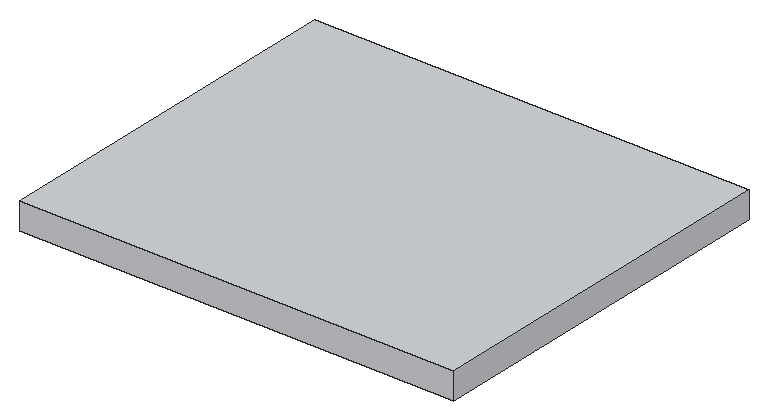
Revit family "Cab_Shelf_Microwave_Lower", category Casework, Revit 2019
Family settings
  Work Plane-Based = No
  Always vertical = Yes
  Cut with Voids When Loaded = No
  Shared = No
  Room Calculation Point = No
Parameters
  oW = 2' - 0"
  oH = 0' - 1 1/2"  # constant formula
  oD = 1' - 8.37243"
Reference planes (in)
  plane 1 "Center (Front/Back)": y = 0
  plane 2: z = 0
  plane 3 "Center (Left/Right)": x = 0
  plane 4: y = -20.37243
  plane 5: x = -12
  plane 6: x = 12
  plane 7: z = -1.5
  plane 8: y = -19.62243
Forms (in)
  Sweep 1, solid
    path origin (0, 0, 0) x (1, 0, 0) y (0, 1, 0)
      loop
        line (0, -20.37243) -> (0, 0)
    profile origin (0, -10.18621, 0) x (-1, 0, 0) y (0, 0, 1)
      loop
        line (12, 0) -> (-12, 0) -> (-12, -1.5) -> (12, -1.5) -> (12, 0)
Dimensions and locks (in)
  equal spacing: plane 5, plane 3 "Center (Left/Right)", plane 6
  "oD": plane 4 to plane 1 "Center (Front/Back)"
  "oW": plane 5 to plane 6
  "oH": level to plane 7
  level to plane 7 = 0' - 1 1/2"
  locked: plane 4 to plane 8 at 0.75
  aligned and locked: plane 2 to level
  aligned and locked: plane 1 "Center (Front/Back)" to Sweep 1 sketch curve
  aligned and locked: plane 4 to Sweep 1 sketch curve
  aligned and locked: plane 3 "Center (Left/Right)" to Sweep 1 sketch curve
  aligned and locked: Sweep 1 sketch curve to plane 6
  aligned and locked: Sweep 1 sketch curve to plane 5
  aligned and locked: Sweep 1 sketch curve to level
  aligned and locked: plane 7 to Sweep 1 sketch curve
  aligned and locked: plane 4 to nested 1
  aligned and locked: plane 1 "Center (Front/Back)" to nested 1
  aligned and locked: nested 1 to level
  aligned and locked: nested 4 to plane 8
  aligned and locked: nested 4 to plane 7
  aligned and locked: plane 2 to nested 4
  aligned and locked: plane 1 "Center (Front/Back)" to nested 3
  aligned and locked: plane 7 to nested 3
  aligned and locked: nested 2 to plane 8
  aligned and locked: nested 2 to Sweep 1
Nested families (in)
  nested 1: "Plywood_45OneEnd" at (0, -20.37243, 0) x (0, 1, 0) z (1, 0, 0), type "Plywood_45OneEnd", detail levels fine
    with built-in parameter 1001306 1.6977 (stored number, unit not read)
  nested 2: "Blocking_Continuous_FixedDims" at (0, -19.62243, -0.75) x (0, 1, 0) z (1, 0, 0), type "Blocking_Continuous_FixedDims", detail levels fine
  nested 3: "Blocking_Continuous_FixedDims" at (0, -3.5, -0.75) x (0, 1, 0) z (1, 0, 0), type "Blocking_Continuous_FixedDims", detail levels fine
  nested 4: "Plywood_45OneEnd" at (0, -20.37243, 0) x (0, 0, -1) z (1, 0, 0), type "Plywood_45OneEnd", detail levels fine
    with built-in parameter 1001306 0.125 (stored number, unit not read)
Definition of nested family "Plywood_45OneEnd"
  Parameters (values of type "Plywood_45OneEnd")
    oD = 0' - 0 3/4"
    built-in parameter 1001306 [instance] = 4' - 0"
  Reference planes (in)
    plane 1 "Center (Front/Back)": y = 0
    plane 2: z = 0
    plane 3 "Left": x = 0
    plane 4 "Right": x = 48
    plane 5: y = -0.75
  Lines and regions (in)
    Filled region 1, type "SKA Plywood Horizontal TR", in view "Ref. Level"
      outline origin (0, 0, 0) x (1, 0, 0) y (0, 1, 0)
        loop
          line (0, 0) -> (0.75, -0.75) -> (48, -0.75) -> (48, 0) -> (0, 0)
    reference lines, in view "Ref. Level"
      curve 1: line (0, 0, 0) -> (48, 0, 0)
      curve 2: line (0, 0, 0) -> (1.41421, -1.41421, 0)
  Dimensions and locks (in)
    "built-in parameter 1001306": plane 3 "Left" to plane 4 "Right"
    "oD": plane 5 to plane 1 "Center (Front/Back)"
    locked: plane 3 "Left" to curve 2 (angle 45.00°)
    aligned and locked: plane 1 "Center (Front/Back)" to curve 1
    aligned and locked: Filled region 1 sketch curve to curve 1
    aligned and locked: plane 5 to Filled region 1 sketch curve
    aligned and locked: plane 3 "Left" to curve 2
    aligned and locked: Filled region 1 sketch curve to curve 2
    aligned and locked: plane 4 "Right" to Filled region 1 sketch curve
  Automatic sketch dimensions
    curve 1 to plane 4 "Right" = 0' - 0"
Definition of nested family "Blocking_Continuous_FixedDims"
  Parameters (values of type "Blocking_Continuous_FixedDims")
    oWctrl = 0' - 0"
    oW = 1' - 3.24203"
    oHctrl = 0' - 0"
    oH = 0' - 0"
    oDctrl = 0' - 0"
    oD = 0' - 5.16679"
  Reference planes (in)
    plane 1 "Center (Front/Back)": y = 0
    plane 2: z = 0
    plane 3 "Center (Left/Right)": x = 0
    plane 4: y = -5.16679
    plane 5: x = 15.24203
    plane 6: y = -2.5834
    plane 7: x = 7.62102
  Lines and regions (in)
    Filled region 1, type "Solid Fill - White", in view "Ref. Level"
      outline origin (0, 0, 0) x (1, 0, 0) y (0, 1, 0)
        loop
          line (0, 0) -> (0, -5.16679) -> (15.24203, -5.16679) -> (15.24203, 0) -> (0, 0)
    detail lines, in view "Ref. Level"
      curve 1: line (0, 0, 0) -> (15.24203, -5.16679, 0)
      curve 2: line (0, -5.16679, 0) -> (15.24203, 0, 0)
  Dimensions and locks (in)
    "oD": plane 4 to plane 1 "Center (Front/Back)"
    "oW": plane 3 "Center (Left/Right)" to plane 5
    equal spacing: plane 3 "Center (Left/Right)", plane 7, plane 5
    equal spacing: plane 4, plane 6, plane 1 "Center (Front/Back)"
    aligned and locked: plane 1 "Center (Front/Back)" to Filled region 1 sketch curve
    aligned and locked: plane 3 "Center (Left/Right)" to Filled region 1 sketch curve
    aligned and locked: plane 4 to Filled region 1 sketch curve
    aligned and locked: plane 5 to Filled region 1 sketch curve
    aligned and locked: plane 1 "Center (Front/Back)" to Filled region 1
    aligned and locked: plane 5 to curve 2
    aligned and locked: plane 4 to curve 1
    aligned and locked: plane 5 to curve 1
    aligned and locked: plane 1 "Center (Front/Back)" to curve 1
    aligned and locked: plane 3 "Center (Left/Right)" to curve 1
    aligned and locked: plane 3 "Center (Left/Right)" to curve 2
    aligned and locked: plane 4 to curve 2
  Automatic sketch dimensions
    plane 1 "Center (Front/Back)" to curve 2 = 0' - 0"
